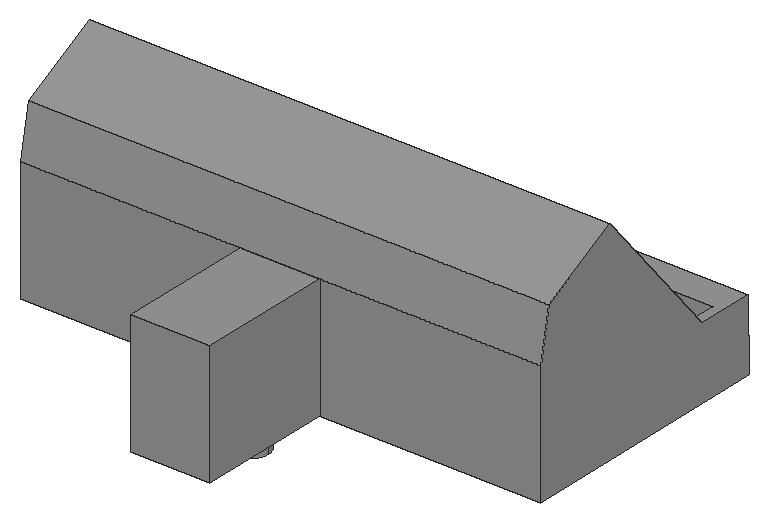
Revit family "Urinal-Willoughby-1800-UW-TS", category Plumbing Fixtures, Revit 2015
Parameters (values of type "1836")
  Width = 3' - 0"
  Waste DIA = 2"
  Waste Connection = yes
  Vent Connection = no
  URL = "www.willoughby-ind.com"
  Type Comments = ""
  Revision = "A"
  Model = "UW-1836-TS"
  Manufacturer = "Willoughby Industries"
  Half Width = Width / 2  # 1' - 6"
  HW Connection = no
  Flush Inlet DIA = 3/4"
  Flush Inlet Connection = yes
  Fixture Body = Stainless Steel AISI 304-Willoughby
  Description = "36\" Trough Urinal Back Spud"
  Default Elevation = 0' - 0"
  Contact Info. = "(800) 428-4065"
  CW Connection = no
  96 inch = no
  72 inch = no
  60 inch = no
  48 inch = no
  36 inch = yes
Types (6): name | Width | Model | Half Width | Flush Inlet DIA | Description | 96 inch | 72 inch | 60 inch | 48 inch | 36 inch
  (no name) | 3' - 0" | "UW-1836-TS" | 1' - 6" | 3/4" | "36\" Trough Urinal Back Spud" | no | no | no | no | yes
  1896 | 8' - 0" | "UW-1896-TS" | 4' - 0" | 1 1/2" | "96\" Trough Urinal Back Spud" | yes | no | no | no | no
  1872 | 6' - 0" | "UW-1872-TS" | 3' - 0" | 1 1/2" | "72\" Trough Urinal Back Spud" | no | yes | no | no | no
  1860 | 5' - 0" | "UW-1860-TS" | 2' - 6" | 3/4" | "60\" Trough Urinal Back Spud" | no | no | yes | no | no
  1848 | 4' - 0" | "UW-1848-TS" | 2' - 0" | 3/4" | "48\" Trough Urinal Back Spud" | no | no | no | yes | no
  1836 | 3' - 0" | "UW-1836-TS" | 1' - 6" | 3/4" | "36\" Trough Urinal Back Spud" | no | no | no | no | yes
Reference planes (in)
  plane 1 "Center (Front/Back)": y = 0
  plane 2: z = 0
  plane 3 "Center (Left/Right)": x = 0
  plane 4: x = -18
  plane 5: x = 18
  plane 6: x = -17.375
  plane 7: x = 17.375
  plane 8: z = 14
  plane 9: y = -9.5
  plane 10: x = -2.75
  plane 11: x = 2.75
  plane 12 "Waste": y = -2.25
  plane 13: y = 18
  plane 14 "Back Spud": y = 16.75
  plane 15: z = 8.5
  plane 16: y = 6
  plane 17 "Floor level": y = -14
  plane 18: z = 2.5
  plane 19: y = 14
  plane 20: z = 5
Forms (in)
  Extrusion 1, solid, material "Stainless Steel AISI 304-Willoughby" <- "Fixture Body"
    sketch origin (0, 0, 0) x (1, 0, 0) y (0, 0, 1)
      loop
        line (-17.375, 5) -> (-17.375, 0) -> (17.375, 0) -> (17.375, 5) -> (-17.375, 5)
    from -18 to 0
  Extrusion 2, solid, material "Stainless Steel AISI 304-Willoughby" <- "Fixture Body"
    sketch origin (-24, 0, -0.06446) x (0, 1, 0) y (0, 0, 1)
      loop
        line (0, 0.06446) -> (18, 0.06446) -> (18, 5.06446) -> (14, 5.06446) -> (6, 14.68946) -> (0.69503, 12.03697) -> (0, 8.56446) -> (0, 0.06446)
    from 6 to 42
  Extrusion 3, void, detail levels fine
    sketch origin (0, 0, 0) x (1, 0, 0) y (0, 0, 1)
      loop
        line (17.375, 14) -> (-17.375, 14) -> (-17.375, 2) -> (17.375, 2) -> (17.375, 14)
    from -5.08704 to -15.71619
  Extrusion 4, solid, material "Stainless Steel AISI 304-Willoughby" <- "Fixture Body"
    sketch origin (0, 0, 0) x (0, 1, 0) y (0, 0, 1)
      loop
        line (0, 8.5) -> (-9.5, 8.5) -> (-9.5, 0) -> (0, 0) -> (0, 8.5)
    from -2.75 to 2.75
  Revolve 5, solid, material "Stainless Steel AISI 304-Willoughby" <- "Fixture Body"
    sketch origin (0, -2.25, -24) x (0, 0, -1) y (-1, 0, 0)
      loop
        line (-22, 0) -> (-22, 1) -> (-25, 1) -> (-25, 0) -> (-22, 0)
      axis (-25, 0) -> (-22, 0)
    angle from 0 to 360
  Extrusion 6, solid
    sketch origin (0, 0, 0) x (1, 0, 0) y (0, 0, 1)
      loop
        circle (0, 2.5) r 0.375
    from -15.71619 to -18
Cuts and joins
  Extrusion 3 cuts Extrusion 1
  Extrusion 3 cuts Extrusion 2
  joined: Extrusion 1, Extrusion 2
Lines and regions (in)
  model lines
    curve 1: line (-17.375, 0, 0) -> (17.375, 0, 0)
    curve 2: line (-17.375, 0, 5) -> (17.375, 0, 5)
  symbolic lines
    curve 3: line (17.375, 0, 0) -> (17.375, 0, 14.625)
    curve 4: line (17.375, 0, 14.625) -> (-17.375, 0, 14.625)
    curve 5: line (-17.375, 0, 14.625) -> (-17.375, 0, 0)
    curve 7: line (-17.375, 0, 5) -> (17.375, 0, 5)
    curve 8: line (-17.375, 0, 0) -> (17.375, 0, 0)
    curve 9: line (18, 0, 0) -> (-18, 0, 0)
    curve 10: line (-18, 0, 0) -> (-18, 18, 0)
    curve 11: line (-18, 18, 0) -> (18, 18, 0)
    curve 12: line (18, 18, 0) -> (18, 0, 0)
    curve 21: line (2.75, 0, 0) -> (2.75, -9.5, 0)
    curve 22: line (2.75, -9.5, 0) -> (-2.75, -9.5, 0)
    curve 23: line (-2.75, -9.5, 0) -> (-2.75, 0, 0)
    curve 28: line (0, -9.5, 0) -> (0, 18, 0)
    curve 29: line (0, 18, 0) -> (0, 18, 5)
    curve 30: line (0, 18, 5) -> (0, 14, 5)
    curve 31: line (0, 6, 14.625) -> (0, 14, 5)
    curve 32: line (0, 6, 14.625) -> (0, 0.69503, 11.97251)
    curve 33: line (0, 0.69503, 11.97251) -> (0, 0, 8.5)
    curve 34: line (0, 0, 8.5) -> (0, 0, 0)
    curve 35: line (0, 0, 8.5) -> (0, -9.5, 8.5)
    curve 36: line (0, -9.5, 8.5) -> (0, -9.5, 0)
  symbolic lines, detail levels medium+fine
    curve 6: line (17.375, 0, 6.5) -> (-17.375, 0, 6.5)
    curve 13: line (-18, 0.69503, 0) -> (18, 0.69503, 0)
    curve 14: line (-18, 6, 0) -> (18, 6, 0)
  symbolic lines, detail levels fine
    curve 15: line (-17.375, 6.63312, 0) -> (-17.375, 15.71619, 0)
    curve 16: line (-17.375, 15.71619, 0) -> (17.375, 15.71619, 0)
    curve 17: line (17.375, 15.71619, 0) -> (17.375, 6.63312, 0)
    curve 18: line (17.375, 6.63312, 0) -> (-17.375, 6.63312, 0)
    curve 19: line (-18, 12.71497, 0) -> (-17.375, 12.71497, 0)
    curve 20: line (17.375, 12.71497, 0) -> (18, 12.71497, 0)
    curve 24: line (17.375, 0, 7.99612) -> (-17.375, 0, 7.99612)
    curve 25: line (-17.375, 0, 7.99612) -> (-17.375, 0, 14)
    curve 26: line (-17.375, 0, 14) -> (17.375, 0, 14)
    curve 27: line (17.375, 0, 14) -> (17.375, 0, 7.99612)
Dimensions and locks (in)
  plane 4 to plane 5 = 3' - 0"
  cut or joined group of Extrusion 1, Extrusion 2, Extrusion 3 to cut or joined group of Extrusion 1, Extrusion 2, Extrusion 3 = 1' - 6"
  Extrusion 4 to cut or joined group of Extrusion 1, Extrusion 2, Extrusion 3 = 0' - 9 1/2"
  plane 5 to plane 7 = 0' - 0 5/8"
  plane 1 "Center (Front/Back)" to plane 9 = 0' - 9 1/2"
  plane 10 to plane 11 = 0' - 5 1/2"  (x2)
  locked: plane 13 to plane 14 "Back Spud" at 1.25
  plane 12 "Waste" to plane 9 = 0' - 7 1/4"
  locked: plane 12 "Waste" to plane 1 "Center (Front/Back)" at 2.25
  plane 8 to level = 1' - 2"
  plane 13 to plane 19 = 0' - 4"
  plane 13 to plane 16 = 1' - 0"
  equal spacing: plane 4, plane 3 "Center (Left/Right)", plane 5
  locked: plane 4 to plane 6 at 0.625
  locked: plane 7 to plane 5 at 0.625
  "Half Width": plane 3 "Center (Left/Right)" to plane 5
  radius of Extrusion 6 sketch curve = 0' - 0 3/8"
  "Flush Inlet DIA": diameter of Extrusion 6 sketch curve
  aligned and locked: plane 10 to Extrusion 4
  aligned and locked: Extrusion 4 to plane 11
  aligned and locked: Extrusion 4 to level
  aligned and locked: plane 15 to Extrusion 4
  aligned and locked: Extrusion 4 to plane 9
  aligned and locked: Extrusion 4 to plane 1 "Center (Front/Back)"
  aligned and locked: Extrusion 4 to plane 2
  aligned and locked: Extrusion 4 to cut or joined group of Extrusion 1, Extrusion 2, Extrusion 3
  aligned and locked: curve 36 to Extrusion 4
  aligned and locked: curve 34 to Extrusion 4
  aligned and locked: Extrusion 3 to plane 6
  aligned and locked: plane 7 to Extrusion 3
  aligned and locked: Extrusion 1 to Extrusion 3
  aligned and locked: Extrusion 2 to plane 4
  aligned and locked: plane 1 "Center (Front/Back)" to Extrusion 2
  aligned and locked: Extrusion 2 to level
  aligned and locked: Extrusion 2 to Extrusion 1
  aligned and locked: Extrusion 1 to Extrusion 2
  aligned and locked: plane 5 to Extrusion 2
  aligned and locked: Extrusion 6 to cut or joined group of Extrusion 1, Extrusion 2, Extrusion 3
Automatic sketch dimensions
  curve 19 to plane 4 = 0' - 0"
  curve 15 to plane 6 = 0' - 0"
  curve 23 to plane 9 = 0' - 0"
  curve 23 to plane 10 = 0' - 0"
  curve 22 to plane 11 = 0' - 0"
  curve 18 to plane 7 = 0' - 0"
  curve 14 to plane 5 = 0' - 0"
  plane 1 "Center (Front/Back)" to curve 10 = 0' - 0"
  curve 14 to plane 16 = 0' - 0"
  curve 11 to plane 13 = 0' - 0"
  plane 16 to curve 15 = 0' - 0.63312"
  curve 16 to plane 14 "Back Spud" = 0' - 1.03381"
  curve 9 to curve 13 = 0' - 0.69503"
  curve 20 to plane 19 = 0' - 1.28503"
  curve 19 to plane 19 = 0' - 1.28503"
  curve 32 to plane 16 = 0' - 0"
  curve 31 to plane 19 = 0' - 0"
  curve 29 to level = 0' - 0"
  curve 29 to plane 13 = 0' - 0"
  curve 30 to plane 20 = 0' - 0"
  curve 35 to plane 15 = 0' - 0"
  curve 32 to plane 1 "Center (Front/Back)" = 0' - 0.69503"
  curve 32 to plane 8 = 0' - 2.02749"
  plane 8 to curve 31 = 0' - 0 5/8"
  curve 1 to level = 0' - 0"
  plane 4 to curve 1 = 0' - 0 5/8"
  curve 25 to plane 6 = 0' - 0"
  curve 26 to plane 7 = 0' - 0"
  curve 1 to plane 5 = 0' - 0 5/8"
  curve 7 to plane 20 = 0' - 0"
  curve 2 to plane 20 = 0' - 0"
  curve 27 to plane 8 = 0' - 0"
  curve 24 to plane 15 = 0' - 0.50388"
  plane 8 to curve 4 = 0' - 0 5/8"
  curve 6 to curve 24 = 0' - 1.49612"
  Extrusion 1 sketch curve to level = 0' - 0"
  plane 4 to Extrusion 1 sketch curve = 0' - 0 5/8"
  Extrusion 1 sketch curve to plane 5 = 0' - 0 5/8"
  Extrusion 1 sketch curve to plane 20 = 0' - 0"
  Extrusion 3 sketch curve to plane 6 = 0' - 0"
  Extrusion 3 sketch curve to plane 7 = 0' - 0"
  Extrusion 3 sketch curve to plane 8 = 0' - 0"
  Extrusion 3 sketch curve to plane 18 = 0' - 0 1/2"
  Extrusion 4 sketch curve to plane 9 = 0' - 0"
  Extrusion 4 sketch curve to level = 0' - 0"
  Extrusion 4 sketch curve to plane 1 "Center (Front/Back)" = 0' - 0"
  Extrusion 4 sketch curve to plane 15 = 0' - 0"
  Revolve 5 sketch curve to plane 3 "Center (Left/Right)" = 0' - 0"  (x2)
  level to Revolve 5 sketch curve = 0' - 1"
  Revolve 5 sketch curve to level = 0' - 2"
  Revolve 5 sketch curve to plane 3 "Center (Left/Right)" = 0' - 1"
  Revolve 5 sketch curve to Revolve 5 sketch curve = 0' - 0"  (x2)
  Extrusion 2 sketch curve to level = 0' - 0"
  Extrusion 2 sketch curve to plane 1 "Center (Front/Back)" = 0' - 0"
  Extrusion 2 sketch curve to plane 16 = 0' - 0"
  Extrusion 2 sketch curve to plane 19 = 0' - 0"
  Extrusion 2 sketch curve to plane 13 = 0' - 0"
  Extrusion 2 sketch curve to plane 20 = 0' - 0"
  Extrusion 2 sketch curve to plane 15 = 0' - 0"
  Extrusion 2 sketch curve to plane 1 "Center (Front/Back)" = 0' - 0.69503"
  Extrusion 2 sketch curve to plane 8 = 0' - 2.02749"
  plane 8 to Extrusion 2 sketch curve = 0' - 0 5/8"
  Extrusion 6 sketch curve to plane 3 "Center (Left/Right)" = 0' - 0"
  Extrusion 6 sketch curve to plane 18 = 0' - 0"
Connectors (in)
  piping at (0, -2.25, -2), diameter 2, driven by "Waste Connection", driven by "Waste DIA"
    settings: on Revolve 5, index 2, connector inside diameter 24", connector length 0' - 0", flow factor 0, pipe flow 0 GPM, pressure drop 0.00 psi, fitting loss kfactor 0, connector angle 0.00°, fixture units 0, engagement length 0' - 0", angle of deflection 0.00°, flow configuration 0, flow direction 2, fitting loss method 0, system type 16, joint type 0, gender type 0, connector reference index -1, connector utility 1, adjustable connector no, is connector primary yes, connector description "Urinal Waste"
  piping at (0, 18, 2.5), diameter 0.75, driven by "Flush Inlet DIA"
    settings: on Extrusion 6, index 3, connector inside diameter 24", connector length 0' - 0", flow factor 0, pipe flow 1 GPM, pressure drop 0.00 psi, fitting loss kfactor 0, connector angle 0.00°, fixture units 0, engagement length 0' - 0", angle of deflection 0.00°, flow configuration 0, flow direction 0, fitting loss method 0, system type 7, joint type 0, gender type 0, connector reference index -1, connector utility 0, adjustable connector no, is connector primary no, connector description ""
